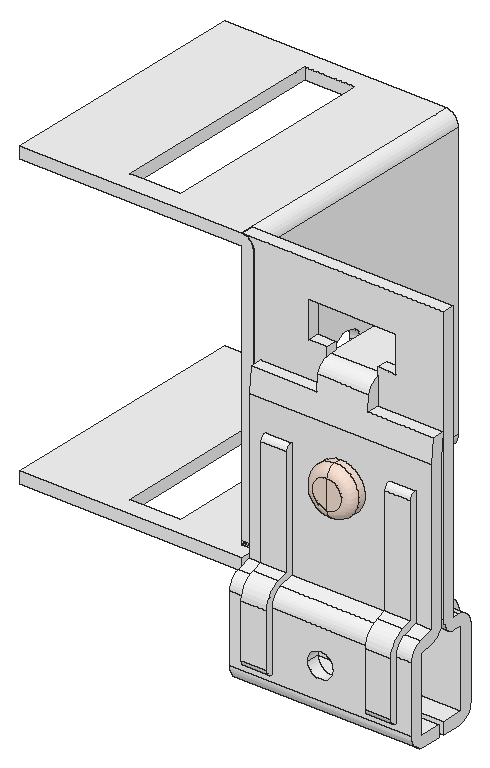
Revit family "CTハンガーH=0左", category 機械設備, Revit 2020
Family settings
  丸型コネクタ寸法 = 直径を使用
  種別 = なし
  パーツ タイプ = 標準
  作業面ベース = いいえ
  常に垂直 = はい
  ロード時にボイドで切り取り = いいえ
  共有 = いいえ
  部屋計算ポイント = いいえ
Parameters
  製造元 = "株式会社桐井製作所"
  既定の高さ = 0 mm
  URL = "https://www.kirii.co.jp/"
  K_材質 = "溶融亜鉛めっき鋼板及び鋼帯 SGCC 一般用"
  K_品名 = "CTハンガーH＝0左"
  K_名称 = "CTハンガー"
  K_入数 = "200"
  K_備考 = "対象Tバー：eT4025、eAT4025"
  K_バージョン情報 = "20220915"
  K_めっき付着量 = "Z12"
  K_JIS規格 = "JIS G 3302"
Reference planes
  plane 1 "中心(正面/背面)": y = 0
  plane 2: z = 0
  plane 3 "中心(左/右)": x = 0
Forms (mm)
  Extrusion 1, void
    sketch origin (0, -1.2, 0) x (-1, 0, 0) y (0, 0, 1)
      loop
        line (-6, 31.356) -> (-6, 26.343) -> (-3.5, 26.343) -> (-3.5, 21.356) -> (3.5, 21.356) -> (3.5, 26.343) -> (6, 26.343) -> (6, 31.356) -> (-6, 31.356)
    from 1.2 to 2.8
  Extrusion 2, void
    sketch origin (0.011, -1.2, 4.995) x (-1, 0, 0) y (0, 0, 1)
      loop
        circle (0, 6.373) r 2.5
    from 0 to 3.2
  Extrusion 3, void
    sketch origin (0, 0.4, 0) x (1, 0, 0) y (0, 0, 1)
      loop
        line (-13.5, -1.944) -> (-15.1, -1.944) -> (-15.1, -15.644) -> (-12.5, -15.644) -> (-12.5, -2.944)
        arc (-12.5, -2.944) -> (-12.793, -2.237) -> (-13.5, -1.944) r 1
    from -4.2 to 5.8
  Extrusion 4, solid, material "05吊り材"
    sketch origin (0, 1.2, 0) x (0, 1, 0) y (0, 0, -1)
      loop
        line (1.8, 3.544) -> (0.8, 3.544)
        arc (0.8, 3.544) -> (-0.614, 2.958) -> (-1.2, 1.544) r 2
        line (-1.2, 1.544) -> (-1.2, -36.356) -> (0.4, -36.356) -> (0.4, -11.856) -> (0.4, 1.944) -> (1.4, 1.944)
        arc (1.4, 1.944) -> (2.814, 2.53) -> (3.4, 3.944) r 2
        line (3.4, 3.944) -> (3.4, 13.644)
        arc (3.4, 13.644) -> (2.814, 15.058) -> (1.4, 15.644) r 2
        line (1.4, 15.644) -> (-1.2, 15.644) -> (-1.2, 14.044) -> (1.8, 14.044) -> (1.8, 3.544)
    from -12.5 to 15.1
  Extrusion 5, solid, material "アルミニウム"
    sketch origin (0, 1.2, 4.922) x (-1, 0, 0) y (0, 0, -1)
      loop
        circle (0, -6.436) r 4.1
      loop
        circle (0, -6.436) r 2.499
    from -1.8 to 0
  Extrusion 6, solid, material "05吊り材"
    sketch origin (16, 1.2, 0) x (0, 1, 0) y (0, 0, -1)
      loop
        line (1.3, -12.456) -> (1.3, 1.087) -> (2.095, 1.087)
        arc (2.095, 1.087) -> (3.685, 2.14) -> (4.3, 3.944) r 2.953
        line (4.3, 3.944) -> (4.3, 11.744)
        arc (4.3, 11.744) -> (4.036, 12.38) -> (3.4, 12.644) r 0.9
        line (3.4, 12.644) -> (3.4, 3.944)
        arc (3.4, 3.944) -> (2.814, 2.53) -> (1.4, 1.944) r 2
        line (1.4, 1.944) -> (0.4, 1.944) -> (0.4, -13.356)
        arc (0.4, -13.356) -> (1.036, -13.093) -> (1.3, -12.456) r 0.9
      loop
        line (-4, 1.245) -> (-4, -13.556)
        arc (-4, -13.556) -> (-3.766, -14.122) -> (-3.2, -14.356) r 0.8
        line (-3.2, -14.356) -> (-3.2, 1.844) -> (-5.093, 2.4)
        arc (-5.093, 2.4) -> (-6.181, 3.157) -> (-6.6, 4.415) r 2.1
        line (-6.6, 4.415) -> (-6.6, 12.644)
        arc (-6.6, 12.644) -> (-7.166, 12.409) -> (-7.4, 11.844) r 0.8
        line (-7.4, 11.844) -> (-7.4, 4.415)
        arc (-7.4, 4.415) -> (-6.822, 2.678) -> (-5.318, 1.633) r 2.9
        line (-5.318, 1.633) -> (-4, 1.245)
    from 5.75 to 9.25
  Extrusion 7, void
    sketch origin (0.011, 1.2, 4.995) x (-1, 0, 0) y (0, 0, -1)
      loop
        circle (0, -6.373) r 2.5
    from 0 to 3.2
  Extrusion 8, void
    sketch origin (0, -42.1, 50.967) x (1, 0, 0) y (0, 0, -1)
      loop
        line (-3.5, 25.623) -> (-3.5, 29.342) -> (-12.5, 29.342) -> (-12.5, 25.623) -> (-3.5, 25.623)
      loop
        line (12.5, 25.623) -> (12.5, 29.342) -> (3.5, 29.342) -> (3.5, 25.623) -> (12.5, 25.623)
    from 40.1 to 51.2
  Extrusion 9, solid, material "05吊り材"
    sketch origin (0, 1.2, 0) x (0, 1, 0) y (0, 0, -1)
      loop
        line (-5, 4.041) -> (-5, 14.044) -> (-2, 14.044) -> (-2, 15.644) -> (-4.5, 15.644)
        arc (-4.5, 15.644) -> (-5.985, 15.029) -> (-6.6, 13.544) r 2.1
        line (-6.6, 13.544) -> (-6.6, 4.415)
        arc (-6.6, 4.415) -> (-6.181, 3.157) -> (-5.093, 2.4) r 2.1
        line (-5.093, 2.4) -> (-3.2, 1.844) -> (-3.2, -18.356) -> (-2.659, -23.655)
        arc (-2.659, -23.655) -> (-1.932, -24.867) -> (-0.6, -25.343) r 2.1
        line (-0.6, -25.343) -> (7.9, -25.343) -> (7.9, -23.756) -> (-0.6, -23.756)
        arc (-0.6, -23.756) -> (-0.954, -23.61) -> (-1.1, -23.256) r 0.5
        line (-1.1, -23.256) -> (-1.6, -18.356) -> (-1.6, 1.47)
        arc (-1.6, 1.47) -> (-2.019, 2.728) -> (-3.107, 3.484) r 2.1
        line (-3.107, 3.484) -> (-5, 4.041)
    from -12.5 to 12.5
  Extrusion 10, solid, material "05吊り材"
    sketch origin (-1, 1.2, 0) x (0, 1, 0) y (0, 0, -1)
      loop
        line (1.3, -12.456) -> (1.3, 1.087) -> (2.095, 1.087)
        arc (2.095, 1.087) -> (3.685, 2.14) -> (4.3, 3.944) r 2.953
        line (4.3, 3.944) -> (4.3, 11.744)
        arc (4.3, 11.744) -> (4.036, 12.38) -> (3.4, 12.644) r 0.9
        line (3.4, 12.644) -> (3.4, 3.944)
        arc (3.4, 3.944) -> (2.814, 2.53) -> (1.4, 1.944) r 2
        line (1.4, 1.944) -> (0.4, 1.944) -> (0.4, -13.356)
        arc (0.4, -13.356) -> (1.036, -13.093) -> (1.3, -12.456) r 0.9
      loop
        line (-4, 1.245) -> (-4, -13.556)
        arc (-4, -13.556) -> (-3.766, -14.122) -> (-3.2, -14.356) r 0.8
        line (-3.2, -14.356) -> (-3.2, 1.844) -> (-5.093, 2.4)
        arc (-5.093, 2.4) -> (-6.181, 3.157) -> (-6.6, 4.415) r 2.1
        line (-6.6, 4.415) -> (-6.6, 12.644)
        arc (-6.6, 12.644) -> (-7.166, 12.409) -> (-7.4, 11.844) r 0.8
        line (-7.4, 11.844) -> (-7.4, 4.415)
        arc (-7.4, 4.415) -> (-6.822, 2.678) -> (-5.318, 1.633) r 2.9
        line (-5.318, 1.633) -> (-4, 1.245)
    from 5.75 to 9.25
  Extrusion 11, solid, material "05吊り材"
    sketch origin (16, 1.2, 0) x (0, 1, 0) y (0, 0, -1)
      loop
        line (1.3, -12.456) -> (1.3, 1.087) -> (2.095, 1.087)
        arc (2.095, 1.087) -> (3.685, 2.14) -> (4.3, 3.944) r 2.953
        line (4.3, 3.944) -> (4.3, 11.744)
        arc (4.3, 11.744) -> (4.036, 12.38) -> (3.4, 12.644) r 0.9
        line (3.4, 12.644) -> (3.4, 3.944)
        arc (3.4, 3.944) -> (2.814, 2.53) -> (1.4, 1.944) r 2
        line (1.4, 1.944) -> (0.4, 1.944) -> (0.4, -13.356)
        arc (0.4, -13.356) -> (1.036, -13.093) -> (1.3, -12.456) r 0.9
      loop
        line (-4, 1.245) -> (-4, -13.556)
        arc (-4, -13.556) -> (-3.766, -14.122) -> (-3.2, -14.356) r 0.8
        line (-3.2, -14.356) -> (-3.2, 1.844) -> (-5.093, 2.4)
        arc (-5.093, 2.4) -> (-6.181, 3.157) -> (-6.6, 4.415) r 2.1
        line (-6.6, 4.415) -> (-6.6, 12.644)
        arc (-6.6, 12.644) -> (-7.166, 12.409) -> (-7.4, 11.844) r 0.8
        line (-7.4, 11.844) -> (-7.4, 4.415)
        arc (-7.4, 4.415) -> (-6.822, 2.678) -> (-5.318, 1.633) r 2.9
        line (-5.318, 1.633) -> (-4, 1.245)
    from 5.75 to 9.25
  Extrusion 12, void
    sketch origin (0, 34.992, -20.1) x (1, 0, 0) y (0, 1, 0)
      loop
        line (-32.5, -2.5) -> (-32.5, -32.5) -> (-25.5, -32.5) -> (-25.5, -2.5) -> (-32.5, -2.5)
    from 54.856 to 56.456
  Extrusion 13, void
    sketch origin (0, 34.992, -60.1) x (1, 0, 0) y (0, 1, 0)
      loop
        line (-32.5, -2.5) -> (-32.5, -32.5) -> (-25.5, -32.5) -> (-25.5, -2.5) -> (-32.5, -2.5)
    from 54.856 to 56.456
  Extrusion 14, void
    sketch origin (0, -8.4, -3.594) x (1, 0, 0) y (0, 0, 1)
      loop
        circle (0, -5.55) r 1.75
    from -4.6 to -3
  Extrusion 15, solid, material "05吊り材"
    sketch origin (0, 35, -20.1) x (1, 0, 0) y (0, 0, 1)
      loop
        line (-45.5, 56.456) -> (-45.5, 54.856) -> (-15.1, 54.856) -> (-15.1, 16.456) -> (-45.5, 16.456) -> (-45.5, 14.856) -> (-15.5, 14.856)
        arc (-15.5, 14.856) -> (-14.086, 15.442) -> (-13.5, 16.856) r 2
        line (-13.5, 16.856) -> (-13.5, 54.456)
        arc (-13.5, 54.456) -> (-13.94, 55.728) -> (-15.071, 56.456) r 2.058
        line (-15.071, 56.456) -> (-45.5, 56.456)
    from 0 to 35
  Extrusion 16, void
    sketch origin (0, 33.437, -20.078) x (0, 1, 0) y (0, 0, 1)
      loop
        circle (-17.5, 35.456) r 2.5
    from -15.1 to -13.5
  Extrusion 17, void
    sketch origin (0, 0, -3.594) x (1, 0, 0) y (0, 0, 1)
      loop
        circle (0, -5.55) r 1.75
    from -4.6 to -3
  Extrusion 18, void
    sketch origin (0, -1.6, 0) x (0, 1, 0) y (0, 0, 1)
      loop
        line (1.6, -5.773) -> (14.7, -5.773) -> (14.7, -1.944) -> (1.6, -1.944) -> (1.6, -5.773)
    from -15.1 to -13.5
Cuts and joins
  Extrusion 7, Extrusion 8, Extrusion 14, Extrusion 17 cuts Extrusion 9
  joined: Extrusion 6, Extrusion 9, Extrusion 10, Extrusion 11
  Extrusion 1, Extrusion 2, Extrusion 3, Extrusion 7, Extrusion 14, Extrusion 17 cuts Extrusion 4
  Extrusion 12, Extrusion 13, Extrusion 16, Extrusion 18 cuts Extrusion 15
Dimensions and locks
  aligned and locked: level to plane 2
Nested families
  nested 1: "直吊りハンガー用ビス" at (0.011, -2, 11.368) x (-1, 0, 0) z (0, 0, 1), type "直吊りハンガー用ビス"
Definition of nested family "直吊りハンガー用ビス"
  Parameters (values of type "直吊りハンガー用ビス")
    Manufacturer = "株式会社桐井製作所"
    Default Elevation = 0 mm
    URL = "https://www.kirii.co.jp/"
    K_名称 = "M6×25ボルト"
  Reference planes
    plane 1 "中心(正面/背面)": y = 0
    plane 2: z = 0
    plane 3 "中心(左/右)": x = 0
    plane 4 "正面": y = -5
  Forms (mm)
    Extrusion 1, solid
      sketch origin (0, 0, 0.234) x (1, 0, 0) y (0, 0, 1)
        loop
          circle (-0.011, -0.2) r 2.5
      from 0 to -5
    Revolve 2, solid
      sketch origin (0, 0, 0) x (0, 1, 0) y (0, 0, 1)
        loop
          line (0, 0) -> (-2.299, 0) -> (-2.299, -1.966)
          arc (-2.299, -1.966) -> (-1.904, -2.921) -> (-0.949, -3.316) r 1.35
          line (-0.949, -3.316) -> (0, -3.316) -> (0, 0)
        axis (0, 0) -> (-2.299, 0)
      angle from 0 to 360
  Cuts and joins
    joined: Extrusion 1, Revolve 2
  Dimensions and locks
    aligned and locked: level to plane 2
